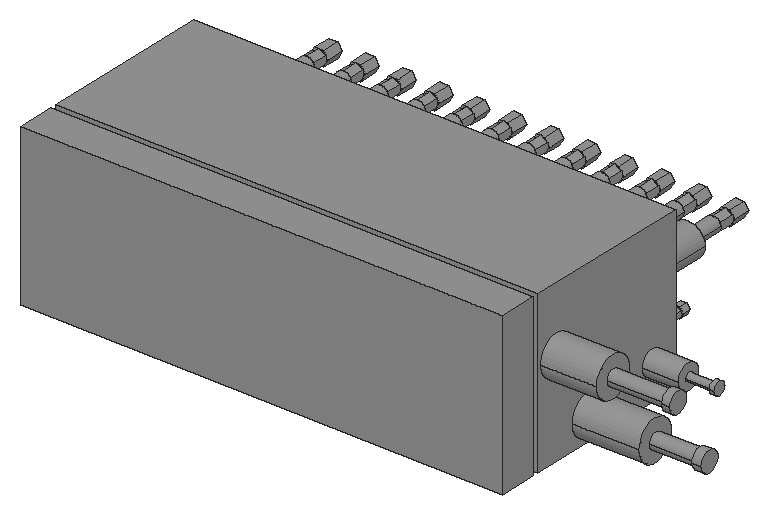
Revit family "BC_Hitachi_CH-BOX-CH-AP12MSSX_LOD400", category Equipement de génie climatique, Revit 2015
Parameters (values of type "CH-AP12MSSX")
  Refrigerant Liquid Pipe connections Diameter = 9.52 mm
  Refrigerant Gas Pipe connections Diameter = 15.88 mm
  Refrigerant Gas Low Pressure Diameter = 25.60 mm
  Refrigerant Liquid Diameter = 12.90 mm
  Rated Frequency (Hz) = "50"
  Product Code = "60292162"
  Overall Width = 783.00 mm
  Overall Height = 260.00 mm
  Overall Depth = 352.00 mm
  Nominal Voltage = 230 V
  Modèle = "Multi CH-Box"
  Material Pipe = Résine phénolique
  Material Connector = Laiton
  Material Box = Zinc
  Mass = 36.00 kg
  Gas Diameter = 25.40 mm
  Fabricant = "Hitachi"
  Description = "Multi CH-Box 12 branches"
  Commentaires du type = "CH-AP12MSSX"
  CALC_Refrigerant Gas Right = 89.00 mm
  CALC_Refrigerant Gas Low Pressure Diameter = Refrigerant Gas Low Pressure Diameter + 15.00 mm / 2  # 33.10 mm
  CALC_Refrigerant Gas L Left = 250.00 mm
  CALC_Refrigerant Gas High_Low Pressure Diameter = Gas Diameter + 15.00 mm / 2  # 32.90 mm
  CALC_Refrigerant Gas HL Left = 200.00 mm
  CALC_Refrigerant Gas Diameter = Refrigerant Liquid Diameter + 15.00 mm / 2  # 20.40 mm
  CALC_BOX Width = 303.00 mm
Reference planes
  plane 1 "Centre (avant/arrière)": y = 0
  plane 2: z = 0
  plane 3 "Centre (gauche/droite)": x = 0
  plane 4: z = 260
  plane 5 "Back": y = 176
  plane 6 "Front": y = -176
  plane 7 "Left": x = -783
  plane 8: z = 155
  plane 9: z = 60
  plane 10: y = 375
  plane 11: y = 262
  plane 12: x = 110
  plane 13: x = 198
  plane 14: y = -4
  plane 15: z = 42
  plane 16: z = 156
  plane 17: y = -68
  plane 18: z = 60
  plane 19: y = 126
  plane 20: x = 61.245
  plane 21: x = 175.543
Forms (mm)
  Extrusion 1, solid, material "Zinc" <- "Material Box"
    sketch origin (0, 0, 0) x (1, 0, 0) y (0, 1, 0)
      loop
        line (0, 176) -> (-783, 176) -> (-783, -176) -> (0, -176) -> (0, 176)
    from 0 to 260
  Extrusion 2, solid, material "Résine phénolique" <- "Material Pipe"
    sketch origin (0, 0, 75) x (0, 1, 0) y (0, 0, 1)
      loop
        circle (-4, -33) r 32.5
    from 0 to 110
  Extrusion 3, solid, material "Résine phénolique" <- "Material Pipe"
    sketch origin (0, 46.823, 0) x (0, 1, 0) y (0, 0, 1)
      loop
        circle (-114.823, 156) r 32.5
    from 0 to 92.169
  Extrusion 4, solid, material "Résine phénolique" <- "Material Pipe"
    sketch origin (0, 146.283, 43.123) x (0, 1, 0) y (0, 0, 1)
      loop
        circle (-20.283, 16.877) r 20
    from 0 to 59.808
  Extrusion 5, solid, material "Laiton" <- "Material Connector"
    sketch origin (151.5, 0, 0) x (0, -1, 0) y (0, 0, 1)
      loop
        circle (68, 156) r 12.7
    from -33.5 to 59.331
  Extrusion 6, solid, material "Laiton" <- "Material Connector"
    sketch origin (151.5, 0, 0) x (0, -1, 0) y (0, 0, 1)
      loop
        circle (68, 156) r 16.45
    from -46.5 to -33.5
  Extrusion 7, solid, material "Laiton" <- "Material Connector"
    sketch origin (151.5, 0, 0) x (0, -1, 0) y (0, 0, 1)
      loop
        circle (4, 42) r 12.8
    from -31.308 to 41.5
  Extrusion 8, solid, material "Laiton" <- "Material Connector"
    sketch origin (151.5, 0, 0) x (0, -1, 0) y (0, 0, 1)
      loop
        circle (4, 42) r 16.55
    from -46.5 to -31.308
  Extrusion 9, solid, material "Laiton" <- "Material Connector"
    sketch origin (151.5, 0, 0) x (0, -1, 0) y (0, 0, 1)
      loop
        circle (-126, 60) r 6.45
    from 49.363 to 91.692
  Extrusion 10, solid, material "Laiton" <- "Material Connector"
    sketch origin (151.5, 0, 0) x (0, -1, 0) y (0, 0, 1)
      loop
        circle (-126, 60) r 10.2
    from 41.5 to 49.363
  Sweep 11, void
    path in 3D
      loop
        line (0, -109, 260) -> (0, -109, 0) -> (-783, -109, 0) -> (-783, -109, 260) -> (0, -109, 260)
    profile origin (-391.5, -109, 260) x (0, 1, 0) y (0, 0, 1)
      loop
        line (5, 0) -> (-5, 0) -> (-5, -10) -> (5, -10) -> (5, 0)
Cuts and joins
  Sweep 11 cuts Extrusion 1
Lines and regions (mm)
  model lines, style "InvisibleLines"
    curve 1: line (-783, -109, 0) -> (0, -109, 0)
    curve 2: line (-783, -109, 260) -> (0, -109, 260)
    curve 3: line (0, -109, 260) -> (0, -109, 0)
    curve 4: line (-783, -109, 260) -> (-783, -109, 0)
    curve 9: line (0, -109, 260) -> (0, -109, 0)
  sketch lines
    curve 5: line (-783, -109, 260) -> (0, -109, 260)
    curve 6: line (-783, -109, 260) -> (-783, -109, 0)
    curve 7: line (-783, -109, 0) -> (0, -109, 0)
    curve 8: line (0, -109, 260) -> (0, -109, 0)
Dimensions and locks
  "Overall Height": plane 4 to plane 2
  "Overall Width": plane 3 "Centre (gauche/droite)" to plane 7 "Left"
  "Overall Width": plane 7 "Left" to plane 3 "Centre (gauche/droite)"
  "Overall Depth": plane 5 "Back" to plane 6 "Front"
  equal spacing: plane 5 "Back", plane 1 "Centre (avant/arrière)", plane 6 "Front"
  plane 10 to plane 5 "Back" = 199.00 mm
  plane 11 to plane 5 "Back" = 86.00 mm
  locked: plane 7 "Left" to nested 1 at 67
  locked: plane 3 "Centre (gauche/droite)" to plane 12 at 110
  locked: plane 3 "Centre (gauche/droite)" to plane 13 at 198
  plane 5 "Back" to plane 19 = 50.00 mm
  plane 17 to plane 5 "Back" = 244.00 mm
  plane 14 to plane 5 "Back" = 180.00 mm
  plane 19 to plane 5 "Back" = 50.00 mm
  plane 16 to plane 2 = 156.00 mm
  plane 15 to plane 2 = 42.00 mm
  plane 18 to level = 60.00 mm
  plane 2 to plane 9 = 60.00 mm
  plane 2 to plane 8 = 155.00 mm
  nested 1 to nested 2 to nested 3 to nested 4 = 60.00 mm locked, 60.00 mm locked, 60.00 mm locked
  nested 5 to nested 6 to nested 7 to nested 8 = 60.00 mm locked, 60.00 mm locked, 60.00 mm locked
  nested 9 to nested 10 to nested 11 to nested 12 = 60.00 mm locked, 60.00 mm locked, 60.00 mm locked
  nested 13 to nested 14 to nested 15 to nested 16 = 60.00 mm locked, 60.00 mm locked, 60.00 mm locked
  locked: nested 4 to nested 13 at 60
  locked: nested 4 to nested 9 at 60
  nested 17 to nested 18 to nested 19 to nested 20 = 60.00 mm locked, 60.00 mm locked, 60.00 mm locked
  nested 21 to nested 22 to nested 23 to nested 24 = 60.00 mm locked, 60.00 mm locked, 60.00 mm locked
  locked: nested 12 to nested 17 at 60
  locked: nested 16 to nested 21 at 60
  "Refrigerant Gas Low Pressure Diameter": diameter of Extrusion 7 sketch curve
  "CALC_Refrigerant Gas Low Pressure Diameter": diameter of Extrusion 8 sketch curve
  diameter of Extrusion 2 sketch curve = 65.00 mm
  "CALC_Refrigerant Gas High_Low Pressure Diameter": diameter of Extrusion 6 sketch curve
  "Gas Diameter": diameter of Extrusion 5 sketch curve
  diameter of Extrusion 3 sketch curve = 65.00 mm
  "CALC_Refrigerant Gas Diameter": diameter of Extrusion 10 sketch curve
  "Refrigerant Liquid Diameter": diameter of Extrusion 9 sketch curve
  aligned and locked: level to plane 2
  aligned and locked: plane 5 "Back" to Extrusion 1 sketch curve
  aligned and locked: plane 3 "Centre (gauche/droite)" to Extrusion 1 sketch curve
  aligned and locked: Extrusion 1 sketch curve to plane 6 "Front"
  aligned and locked: plane 7 "Left" to Extrusion 1 sketch curve
  aligned and locked: plane 4 to Extrusion 1
  aligned and locked: nested 5 to plane 9
  aligned and locked: nested 5 to nested 1
  aligned and locked: Extrusion 2 to plane 3 "Centre (gauche/droite)"
  aligned and locked: plane 15 to Extrusion 2 sketch curve
  aligned and locked: plane 14 to Extrusion 2 sketch curve
  aligned and locked: plane 16 to Extrusion 3 sketch curve
  aligned and locked: plane 17 to Extrusion 3 sketch curve
  aligned and locked: plane 19 to Extrusion 4 sketch curve
  aligned and locked: plane 18 to Extrusion 4 sketch curve
  aligned and locked: plane 5 "Back" to nested 1
  aligned and locked: plane 17 to Extrusion 5 sketch curve
  aligned and locked: plane 16 to Extrusion 5 sketch curve
  aligned and locked: plane 14 to Extrusion 8 sketch curve
  aligned and locked: plane 15 to Extrusion 8 sketch curve
  aligned and locked: plane 14 to Extrusion 7 sketch curve
  aligned and locked: plane 15 to Extrusion 7 sketch curve
  aligned and locked: plane 18 to Extrusion 9 sketch curve
  aligned and locked: plane 19 to Extrusion 9 sketch curve
  aligned and locked: plane 13 to Extrusion 8
  aligned and locked: plane 13 to Extrusion 6
  aligned and locked: nested 1 to plane 8
  aligned and locked: nested 2 to plane 8
  aligned and locked: nested 3 to plane 8
  aligned and locked: nested 4 to plane 8
  aligned and locked: nested 6 to plane 9
  aligned and locked: nested 7 to plane 9
  aligned and locked: nested 8 to plane 9
  aligned and locked: nested 13 to nested 9
  aligned and locked: nested 21 to nested 17
Automatic sketch dimensions
  curve 1 to plane 3 "Centre (gauche/droite)" = 0.00 mm
  curve 1 to plane 17 = 41.00 mm
  curve 1 to plane 7 "Left" = 0.00 mm
  curve 2 to plane 3 "Centre (gauche/droite)" = 0.00 mm
  curve 2 to plane 17 = 41.00 mm
  curve 2 to plane 7 "Left" = 0.00 mm
  curve 3 to level = 0.00 mm
  curve 3 to plane 4 = 0.00 mm
  curve 3 to plane 17 = 41.00 mm
  Sweep 11 sketch curve to profile plane = 0.00 mm
  profile plane to Sweep 11 sketch curve = 5.00 mm
  Sweep 11 sketch curve to profile plane = 5.00 mm
  Sweep 11 sketch curve to profile plane = 10.00 mm
  curve 9 to level = 0.00 mm
  curve 9 to plane 4 = 0.00 mm
  curve 9 to plane 17 = 41.00 mm
  curve 4 to level = 0.00 mm
  curve 4 to plane 4 = 0.00 mm
  curve 4 to plane 17 = 41.00 mm
  Extrusion 6 sketch curve to plane 16 = 0.00 mm
  Extrusion 6 sketch curve to plane 17 = 0.00 mm
  Extrusion 10 sketch curve to plane 9 = 0.00 mm
  Extrusion 10 sketch curve to plane 19 = 0.00 mm
  radius of Extrusion 4 sketch curve = 20.00 mm
Nested families
  nested 1: "PIPES" at (-716, 176, 155) x (0, 1, 0) z (0, 0, 1), type "PIPES"
    with CALC_Screw TOP 2 28.366 mm, CALC_Screw TOP 1 25.467 mm, CALC_Screw Diam TOP 2 12.00 mm, CALC_Screw Diam TOP 11.00 mm, CALC_Screw Diam 11.00 mm, CALC_PipeDiam2 24.00 mm, CALC_PipeDiam1 55.00 mm, CALC_Pipe L2 51.555 mm, CALC_Pipe L1 93.613 mm
  nested 2: "PIPES" at (-656, 176, 155) x (0, 1, 0) z (0, 0, 1), type "PIPES"
    with CALC_Screw TOP 2 28.366 mm, CALC_Screw TOP 1 25.467 mm, CALC_Screw Diam TOP 2 12.00 mm, CALC_Screw Diam TOP 11.00 mm, CALC_Screw Diam 11.00 mm, CALC_PipeDiam2 24.00 mm, CALC_PipeDiam1 55.00 mm, CALC_Pipe L2 51.555 mm, CALC_Pipe L1 93.613 mm
  nested 3: "PIPES" at (-596, 176, 155) x (0, 1, 0) z (0, 0, 1), type "PIPES"
    with CALC_Screw TOP 2 28.366 mm, CALC_Screw TOP 1 25.467 mm, CALC_Screw Diam TOP 2 12.00 mm, CALC_Screw Diam TOP 11.00 mm, CALC_Screw Diam 11.00 mm, CALC_PipeDiam2 24.00 mm, CALC_PipeDiam1 55.00 mm, CALC_Pipe L2 51.555 mm, CALC_Pipe L1 93.613 mm
  nested 4: "PIPES" at (-536, 176, 155) x (0, 1, 0) z (0, 0, 1), type "PIPES"
    with CALC_Screw TOP 2 28.366 mm, CALC_Screw TOP 1 25.467 mm, CALC_Screw Diam TOP 2 12.00 mm, CALC_Screw Diam TOP 11.00 mm, CALC_Screw Diam 11.00 mm, CALC_PipeDiam2 24.00 mm, CALC_PipeDiam1 55.00 mm, CALC_Pipe L2 51.555 mm, CALC_Pipe L1 93.613 mm
  nested 5: "PIPES" at (-716, 176, 60) x (0, 1, 0) z (0, 0, 1), type "PIPES"
    with CALC_Screw TOP 2 15.179 mm, CALC_Screw TOP 1 12.708 mm, CALC_Screw Diam TOP 2 8.50 mm, CALC_Screw Diam TOP 0.00 mm, CALC_Screw Diam 8.00 mm, CALC_PipeDiam2 16.50 mm, CALC_PipeDiam1 17.00 mm, CALC_Pipe L2 1.975 mm, CALC_Pipe L1 56.139 mm
  nested 6: "PIPES" at (-656, 176, 60) x (0, 1, 0) z (0, 0, 1), type "PIPES"
    with CALC_Screw TOP 2 15.179 mm, CALC_Screw TOP 1 12.708 mm, CALC_Screw Diam TOP 2 8.50 mm, CALC_Screw Diam TOP 0.00 mm, CALC_Screw Diam 8.00 mm, CALC_PipeDiam2 16.50 mm, CALC_PipeDiam1 17.00 mm, CALC_Pipe L2 1.975 mm, CALC_Pipe L1 56.139 mm
  nested 7: "PIPES" at (-596, 176, 60) x (0, 1, 0) z (0, 0, 1), type "PIPES"
    with CALC_Screw TOP 2 15.179 mm, CALC_Screw TOP 1 12.708 mm, CALC_Screw Diam TOP 2 8.50 mm, CALC_Screw Diam TOP 0.00 mm, CALC_Screw Diam 8.00 mm, CALC_PipeDiam2 16.50 mm, CALC_PipeDiam1 17.00 mm, CALC_Pipe L2 1.975 mm, CALC_Pipe L1 56.139 mm
  nested 8: "PIPES" at (-536, 176, 60) x (0, 1, 0) z (0, 0, 1), type "PIPES"
    with CALC_Screw TOP 2 15.179 mm, CALC_Screw TOP 1 12.708 mm, CALC_Screw Diam TOP 2 8.50 mm, CALC_Screw Diam TOP 0.00 mm, CALC_Screw Diam 8.00 mm, CALC_PipeDiam2 16.50 mm, CALC_PipeDiam1 17.00 mm, CALC_Pipe L2 1.975 mm, CALC_Pipe L1 56.139 mm
  nested 9: "PIPES" at (-476, 176, 155) x (0, 1, 0) z (0, 0, 1), type "PIPES"
    with CALC_Screw TOP 2 28.366 mm, CALC_Screw TOP 1 25.467 mm, CALC_Screw Diam TOP 2 12.00 mm, CALC_Screw Diam TOP 11.00 mm, CALC_Screw Diam 11.00 mm, CALC_PipeDiam2 24.00 mm, CALC_PipeDiam1 55.00 mm, CALC_Pipe L2 51.555 mm, CALC_Pipe L1 93.613 mm
  nested 10: "PIPES" at (-416, 176, 155) x (0, 1, 0) z (0, 0, 1), type "PIPES"
    with CALC_Screw TOP 2 28.366 mm, CALC_Screw TOP 1 25.467 mm, CALC_Screw Diam TOP 2 12.00 mm, CALC_Screw Diam TOP 11.00 mm, CALC_Screw Diam 11.00 mm, CALC_PipeDiam2 24.00 mm, CALC_PipeDiam1 55.00 mm, CALC_Pipe L2 51.555 mm, CALC_Pipe L1 93.613 mm
  nested 11: "PIPES" at (-356, 176, 155) x (0, 1, 0) z (0, 0, 1), type "PIPES"
    with CALC_Screw TOP 2 28.366 mm, CALC_Screw TOP 1 25.467 mm, CALC_Screw Diam TOP 2 12.00 mm, CALC_Screw Diam TOP 11.00 mm, CALC_Screw Diam 11.00 mm, CALC_PipeDiam2 24.00 mm, CALC_PipeDiam1 55.00 mm, CALC_Pipe L2 51.555 mm, CALC_Pipe L1 93.613 mm
  nested 12: "PIPES" at (-296, 176, 155) x (0, 1, 0) z (0, 0, 1), type "PIPES"
    with CALC_Screw TOP 2 28.366 mm, CALC_Screw TOP 1 25.467 mm, CALC_Screw Diam TOP 2 12.00 mm, CALC_Screw Diam TOP 11.00 mm, CALC_Screw Diam 11.00 mm, CALC_PipeDiam2 24.00 mm, CALC_PipeDiam1 55.00 mm, CALC_Pipe L2 51.555 mm, CALC_Pipe L1 93.613 mm
  nested 13: "PIPES" at (-476, 176, 60) x (0, 1, 0) z (0, 0, 1), type "PIPES"
    with CALC_Screw TOP 2 15.179 mm, CALC_Screw TOP 1 12.708 mm, CALC_Screw Diam TOP 2 8.50 mm, CALC_Screw Diam TOP 0.00 mm, CALC_Screw Diam 8.00 mm, CALC_PipeDiam2 16.50 mm, CALC_PipeDiam1 17.00 mm, CALC_Pipe L2 1.975 mm, CALC_Pipe L1 56.139 mm
  nested 14: "PIPES" at (-416, 176, 60) x (0, 1, 0) z (0, 0, 1), type "PIPES"
    with CALC_Screw TOP 2 15.179 mm, CALC_Screw TOP 1 12.708 mm, CALC_Screw Diam TOP 2 8.50 mm, CALC_Screw Diam TOP 0.00 mm, CALC_Screw Diam 8.00 mm, CALC_PipeDiam2 16.50 mm, CALC_PipeDiam1 17.00 mm, CALC_Pipe L2 1.975 mm, CALC_Pipe L1 56.139 mm
  nested 15: "PIPES" at (-356, 176, 60) x (0, 1, 0) z (0, 0, 1), type "PIPES"
    with CALC_Screw TOP 2 15.179 mm, CALC_Screw TOP 1 12.708 mm, CALC_Screw Diam TOP 2 8.50 mm, CALC_Screw Diam TOP 0.00 mm, CALC_Screw Diam 8.00 mm, CALC_PipeDiam2 16.50 mm, CALC_PipeDiam1 17.00 mm, CALC_Pipe L2 1.975 mm, CALC_Pipe L1 56.139 mm
  nested 16: "PIPES" at (-296, 176, 60) x (0, 1, 0) z (0, 0, 1), type "PIPES"
    with CALC_Screw TOP 2 15.179 mm, CALC_Screw TOP 1 12.708 mm, CALC_Screw Diam TOP 2 8.50 mm, CALC_Screw Diam TOP 0.00 mm, CALC_Screw Diam 8.00 mm, CALC_PipeDiam2 16.50 mm, CALC_PipeDiam1 17.00 mm, CALC_Pipe L2 1.975 mm, CALC_Pipe L1 56.139 mm
  nested 17: "PIPES" at (-236, 176, 155) x (0, 1, 0) z (0, 0, 1), type "PIPES"
    with CALC_Screw TOP 2 28.366 mm, CALC_Screw TOP 1 25.467 mm, CALC_Screw Diam TOP 2 12.00 mm, CALC_Screw Diam TOP 11.00 mm, CALC_Screw Diam 11.00 mm, CALC_PipeDiam2 24.00 mm, CALC_PipeDiam1 55.00 mm, CALC_Pipe L2 51.555 mm, CALC_Pipe L1 93.613 mm
  nested 18: "PIPES" at (-176, 176, 155) x (0, 1, 0) z (0, 0, 1), type "PIPES"
    with CALC_Screw TOP 2 28.366 mm, CALC_Screw TOP 1 25.467 mm, CALC_Screw Diam TOP 2 12.00 mm, CALC_Screw Diam TOP 11.00 mm, CALC_Screw Diam 11.00 mm, CALC_PipeDiam2 24.00 mm, CALC_PipeDiam1 55.00 mm, CALC_Pipe L2 51.555 mm, CALC_Pipe L1 93.613 mm
  nested 19: "PIPES" at (-116, 176, 155) x (0, 1, 0) z (0, 0, 1), type "PIPES"
    with CALC_Screw TOP 2 28.366 mm, CALC_Screw TOP 1 25.467 mm, CALC_Screw Diam TOP 2 12.00 mm, CALC_Screw Diam TOP 11.00 mm, CALC_Screw Diam 11.00 mm, CALC_PipeDiam2 24.00 mm, CALC_PipeDiam1 55.00 mm, CALC_Pipe L2 51.555 mm, CALC_Pipe L1 93.613 mm
  nested 20: "PIPES" at (-56, 176, 155) x (0, 1, 0) z (0, 0, 1), type "PIPES"
    with CALC_Screw TOP 2 28.366 mm, CALC_Screw TOP 1 25.467 mm, CALC_Screw Diam TOP 2 12.00 mm, CALC_Screw Diam TOP 11.00 mm, CALC_Screw Diam 11.00 mm, CALC_PipeDiam2 24.00 mm, CALC_PipeDiam1 55.00 mm, CALC_Pipe L2 51.555 mm, CALC_Pipe L1 93.613 mm
  nested 21: "PIPES" at (-236, 176, 60) x (0, 1, 0) z (0, 0, 1), type "PIPES"
    with CALC_Screw TOP 2 15.179 mm, CALC_Screw TOP 1 12.708 mm, CALC_Screw Diam TOP 2 8.50 mm, CALC_Screw Diam TOP 0.00 mm, CALC_Screw Diam 8.00 mm, CALC_PipeDiam2 16.50 mm, CALC_PipeDiam1 17.00 mm, CALC_Pipe L2 1.975 mm, CALC_Pipe L1 56.139 mm
  nested 22: "PIPES" at (-176, 176, 60) x (0, 1, 0) z (0, 0, 1), type "PIPES"
    with CALC_Screw TOP 2 15.179 mm, CALC_Screw TOP 1 12.708 mm, CALC_Screw Diam TOP 2 8.50 mm, CALC_Screw Diam TOP 0.00 mm, CALC_Screw Diam 8.00 mm, CALC_PipeDiam2 16.50 mm, CALC_PipeDiam1 17.00 mm, CALC_Pipe L2 1.975 mm, CALC_Pipe L1 56.139 mm
  nested 23: "PIPES" at (-116, 176, 60) x (0, 1, 0) z (0, 0, 1), type "PIPES"
    with CALC_Screw TOP 2 15.179 mm, CALC_Screw TOP 1 12.708 mm, CALC_Screw Diam TOP 2 8.50 mm, CALC_Screw Diam TOP 0.00 mm, CALC_Screw Diam 8.00 mm, CALC_PipeDiam2 16.50 mm, CALC_PipeDiam1 17.00 mm, CALC_Pipe L2 1.975 mm, CALC_Pipe L1 56.139 mm
  nested 24: "PIPES" at (-56, 176, 60) x (0, 1, 0) z (0, 0, 1), type "PIPES"
    with CALC_Screw TOP 2 15.179 mm, CALC_Screw TOP 1 12.708 mm, CALC_Screw Diam TOP 2 8.50 mm, CALC_Screw Diam TOP 0.00 mm, CALC_Screw Diam 8.00 mm, CALC_PipeDiam2 16.50 mm, CALC_PipeDiam1 17.00 mm, CALC_Pipe L2 1.975 mm, CALC_Pipe L1 56.139 mm
Connectors
  piping at (198, -68, 156), diameter 25.4, driven by "Gas Diameter"
    settings: on Extrusion 6, index 1, connector inside diameter 609.6 mm, connector length 0.00 mm, flow factor 0, pipe flow 0.0 L/s, pressure drop 0.0 Pa, fitting loss kfactor 0, connector angle 0.00°, fixture units 0, engagement length 0.00 mm, angle of deflection 0.00°, flow configuration 0, flow direction 0, fitting loss method 0, system type 22, joint type 0, gender type 0, connector reference index -1, connector utility 0, adjustable connector no, is connector primary yes, connector description "Refrigerant gas High/Low Pressure"
  piping at (198, -4, 42), diameter 25.6, driven by "Refrigerant Gas Low Pressure Diameter"
    settings: on Extrusion 8, index 2, connector inside diameter 609.6 mm, connector length 0.00 mm, flow factor 0, pipe flow 0.0 L/s, pressure drop 0.0 Pa, fitting loss kfactor 0, connector angle 0.00°, fixture units 0, engagement length 0.00 mm, angle of deflection 0.00°, flow configuration 0, flow direction 0, fitting loss method 0, system type 22, joint type 0, gender type 0, connector reference index -1, connector utility 0, adjustable connector no, is connector primary no, connector description "Refrigerant gas Low Pressure"
  piping at (110, 126, 60), diameter 12.9, driven by "Refrigerant Liquid Diameter"
    settings: on Extrusion 10, index 3, connector inside diameter 609.6 mm, connector length 0.00 mm, flow factor 0, pipe flow 0.0 L/s, pressure drop 0.0 Pa, fitting loss kfactor 0, connector angle 0.00°, fixture units 0, engagement length 0.00 mm, angle of deflection 0.00°, flow configuration 0, flow direction 0, fitting loss method 0, system type 22, joint type 0, gender type 0, connector reference index -1, connector utility 0, adjustable connector no, is connector primary no, connector description "Refrigerant Liquid"
  piping at (-536, 375, 155), diameter 15.88, driven by "Refrigerant Gas Pipe connections Diameter"
    settings: on nested 4, index 4, connector inside diameter 609.6 mm, connector length 0.00 mm, flow factor 0, pipe flow 0.0 L/s, pressure drop 0.0 Pa, fitting loss kfactor 0, connector angle 0.00°, fixture units 0, engagement length 0.00 mm, angle of deflection 0.00°, flow configuration 0, flow direction 0, fitting loss method 0, system type 22, joint type 0, gender type 0, connector reference index -1, connector utility 0, adjustable connector no, is connector primary no, connector description "Refrigerant Gas Pipe D"
  piping at (-596, 375, 155), diameter 15.88, driven by "Refrigerant Gas Pipe connections Diameter"
    settings: on nested 3, index 5, connector inside diameter 609.6 mm, connector length 0.00 mm, flow factor 0, pipe flow 0.0 L/s, pressure drop 0.0 Pa, fitting loss kfactor 0, connector angle 0.00°, fixture units 0, engagement length 0.00 mm, angle of deflection 0.00°, flow configuration 0, flow direction 0, fitting loss method 0, system type 22, joint type 0, gender type 0, connector reference index -1, connector utility 0, adjustable connector no, is connector primary no, connector description "Refrigerant Gas Pipe C"
  piping at (-656, 375, 155), diameter 15.88, driven by "Refrigerant Gas Pipe connections Diameter"
    settings: on nested 2, index 6, connector inside diameter 609.6 mm, connector length 0.00 mm, flow factor 0, pipe flow 0.0 L/s, pressure drop 0.0 Pa, fitting loss kfactor 0, connector angle 0.00°, fixture units 0, engagement length 0.00 mm, angle of deflection 0.00°, flow configuration 0, flow direction 0, fitting loss method 0, system type 22, joint type 0, gender type 0, connector reference index -1, connector utility 0, adjustable connector no, is connector primary no, connector description "Refrigerant Gas Pipe B"
  piping at (-716, 375, 155), diameter 15.88, driven by "Refrigerant Gas Pipe connections Diameter"
    settings: on nested 1, index 7, connector inside diameter 609.6 mm, connector length 0.00 mm, flow factor 0, pipe flow 0.0 L/s, pressure drop 0.0 Pa, fitting loss kfactor 0, connector angle 0.00°, fixture units 0, engagement length 0.00 mm, angle of deflection 0.00°, flow configuration 0, flow direction 0, fitting loss method 0, system type 22, joint type 0, gender type 0, connector reference index -1, connector utility 0, adjustable connector no, is connector primary no, connector description "Refrigerant Gas Pipe A"
  piping at (-716, 262, 60), diameter 9.52, driven by "Refrigerant Liquid Pipe connections Diameter"
    settings: on nested 5, index 8, connector inside diameter 609.6 mm, connector length 0.00 mm, flow factor 0, pipe flow 0.0 L/s, pressure drop 0.0 Pa, fitting loss kfactor 0, connector angle 0.00°, fixture units 0, engagement length 0.00 mm, angle of deflection 0.00°, flow configuration 0, flow direction 0, fitting loss method 0, system type 22, joint type 0, gender type 0, connector reference index -1, connector utility 0, adjustable connector no, is connector primary no, connector description "Refrigerant Liquid Pipe A"
  piping at (-656, 262, 60), diameter 9.52, driven by "Refrigerant Liquid Pipe connections Diameter"
    settings: on nested 6, index 9, connector inside diameter 609.6 mm, connector length 0.00 mm, flow factor 0, pipe flow 0.0 L/s, pressure drop 0.0 Pa, fitting loss kfactor 0, connector angle 0.00°, fixture units 0, engagement length 0.00 mm, angle of deflection 0.00°, flow configuration 0, flow direction 0, fitting loss method 0, system type 22, joint type 0, gender type 0, connector reference index -1, connector utility 0, adjustable connector no, is connector primary no, connector description "Refrigerant Liquid Pipe B"
  piping at (-596, 262, 60), diameter 9.52, driven by "Refrigerant Liquid Pipe connections Diameter"
    settings: on nested 7, index 10, connector inside diameter 609.6 mm, connector length 0.00 mm, flow factor 0, pipe flow 0.0 L/s, pressure drop 0.0 Pa, fitting loss kfactor 0, connector angle 0.00°, fixture units 0, engagement length 0.00 mm, angle of deflection 0.00°, flow configuration 0, flow direction 0, fitting loss method 0, system type 22, joint type 0, gender type 0, connector reference index -1, connector utility 0, adjustable connector no, is connector primary no, connector description "Refrigerant Liquid Pipe C"
  piping at (-536, 262, 60), diameter 9.52, driven by "Refrigerant Liquid Pipe connections Diameter"
    settings: on nested 8, index 11, connector inside diameter 609.6 mm, connector length 0.00 mm, flow factor 0, pipe flow 0.0 L/s, pressure drop 0.0 Pa, fitting loss kfactor 0, connector angle 0.00°, fixture units 0, engagement length 0.00 mm, angle of deflection 0.00°, flow configuration 0, flow direction 0, fitting loss method 0, system type 22, joint type 0, gender type 0, connector reference index -1, connector utility 0, adjustable connector no, is connector primary no, connector description "Refrigerant Liquid Pipe Connections"
  piping at (-296, 375, 155), diameter 15.88, driven by "Refrigerant Gas Pipe connections Diameter"
    settings: on nested 12, index 12, connector inside diameter 609.6 mm, connector length 0.00 mm, flow factor 0, pipe flow 0.0 L/s, pressure drop 0.0 Pa, fitting loss kfactor 0, connector angle 0.00°, fixture units 0, engagement length 0.00 mm, angle of deflection 0.00°, flow configuration 0, flow direction 0, fitting loss method 0, system type 22, joint type 0, gender type 0, connector reference index -1, connector utility 0, adjustable connector no, is connector primary no, connector description "Refrigerant Gas Pipe H"
  piping at (-356, 375, 155), diameter 15.88, driven by "Refrigerant Gas Pipe connections Diameter"
    settings: on nested 11, index 13, connector inside diameter 609.6 mm, connector length 0.00 mm, flow factor 0, pipe flow 0.0 L/s, pressure drop 0.0 Pa, fitting loss kfactor 0, connector angle 0.00°, fixture units 0, engagement length 0.00 mm, angle of deflection 0.00°, flow configuration 0, flow direction 0, fitting loss method 0, system type 22, joint type 0, gender type 0, connector reference index -1, connector utility 0, adjustable connector no, is connector primary no, connector description "Refrigerant Gas Pipe G"
  piping at (-416, 375, 155), diameter 15.88, driven by "Refrigerant Gas Pipe connections Diameter"
    settings: on nested 10, index 14, connector inside diameter 609.6 mm, connector length 0.00 mm, flow factor 0, pipe flow 0.0 L/s, pressure drop 0.0 Pa, fitting loss kfactor 0, connector angle 0.00°, fixture units 0, engagement length 0.00 mm, angle of deflection 0.00°, flow configuration 0, flow direction 0, fitting loss method 0, system type 22, joint type 0, gender type 0, connector reference index -1, connector utility 0, adjustable connector no, is connector primary no, connector description "Refrigerant Gas Pipe F"
  piping at (-476, 375, 155), diameter 15.88, driven by "Refrigerant Gas Pipe connections Diameter"
    settings: on nested 9, index 15, connector inside diameter 609.6 mm, connector length 0.00 mm, flow factor 0, pipe flow 0.0 L/s, pressure drop 0.0 Pa, fitting loss kfactor 0, connector angle 0.00°, fixture units 0, engagement length 0.00 mm, angle of deflection 0.00°, flow configuration 0, flow direction 0, fitting loss method 0, system type 22, joint type 0, gender type 0, connector reference index -1, connector utility 0, adjustable connector no, is connector primary no, connector description "Refrigerant Gas Pipe E"
  piping at (-476, 262, 60), diameter 9.52, driven by "Refrigerant Liquid Pipe connections Diameter"
    settings: on nested 13, index 16, connector inside diameter 609.6 mm, connector length 0.00 mm, flow factor 0, pipe flow 0.0 L/s, pressure drop 0.0 Pa, fitting loss kfactor 0, connector angle 0.00°, fixture units 0, engagement length 0.00 mm, angle of deflection 0.00°, flow configuration 0, flow direction 0, fitting loss method 0, system type 22, joint type 0, gender type 0, connector reference index -1, connector utility 0, adjustable connector no, is connector primary no, connector description ""
  piping at (-416, 262, 60), diameter 9.52, driven by "Refrigerant Liquid Pipe connections Diameter"
    settings: on nested 14, index 17, connector inside diameter 609.6 mm, connector length 0.00 mm, flow factor 0, pipe flow 0.0 L/s, pressure drop 0.0 Pa, fitting loss kfactor 0, connector angle 0.00°, fixture units 0, engagement length 0.00 mm, angle of deflection 0.00°, flow configuration 0, flow direction 0, fitting loss method 0, system type 22, joint type 0, gender type 0, connector reference index -1, connector utility 0, adjustable connector no, is connector primary no, connector description ""
  piping at (-356, 262, 60), diameter 9.52, driven by "Refrigerant Liquid Pipe connections Diameter"
    settings: on nested 15, index 18, connector inside diameter 609.6 mm, connector length 0.00 mm, flow factor 0, pipe flow 0.0 L/s, pressure drop 0.0 Pa, fitting loss kfactor 0, connector angle 0.00°, fixture units 0, engagement length 0.00 mm, angle of deflection 0.00°, flow configuration 0, flow direction 0, fitting loss method 0, system type 22, joint type 0, gender type 0, connector reference index -1, connector utility 0, adjustable connector no, is connector primary no, connector description ""
  piping at (-296, 262, 60), diameter 9.52, driven by "Refrigerant Liquid Pipe connections Diameter"
    settings: on nested 16, index 19, connector inside diameter 609.6 mm, connector length 0.00 mm, flow factor 0, pipe flow 0.0 L/s, pressure drop 0.0 Pa, fitting loss kfactor 0, connector angle 0.00°, fixture units 0, engagement length 0.00 mm, angle of deflection 0.00°, flow configuration 0, flow direction 0, fitting loss method 0, system type 22, joint type 0, gender type 0, connector reference index -1, connector utility 0, adjustable connector no, is connector primary no, connector description ""
  piping at (-176, 375, 155), diameter 15.88, driven by "Refrigerant Gas Pipe connections Diameter"
    settings: on nested 18, index 20, connector inside diameter 609.6 mm, connector length 0.00 mm, flow factor 0, pipe flow 0.0 L/s, pressure drop 0.0 Pa, fitting loss kfactor 0, connector angle 0.00°, fixture units 0, engagement length 0.00 mm, angle of deflection 0.00°, flow configuration 0, flow direction 0, fitting loss method 0, system type 22, joint type 0, gender type 0, connector reference index -1, connector utility 0, adjustable connector no, is connector primary no, connector description "Refrigerant Gas Pipe J"
  piping at (-236, 375, 155), diameter 15.88, driven by "Refrigerant Gas Pipe connections Diameter"
    settings: on nested 17, index 21, connector inside diameter 609.6 mm, connector length 0.00 mm, flow factor 0, pipe flow 0.0 L/s, pressure drop 0.0 Pa, fitting loss kfactor 0, connector angle 0.00°, fixture units 0, engagement length 0.00 mm, angle of deflection 0.00°, flow configuration 0, flow direction 0, fitting loss method 0, system type 22, joint type 0, gender type 0, connector reference index -1, connector utility 0, adjustable connector no, is connector primary no, connector description "Refrigerant Gas Pipe I"
  piping at (-236, 262, 60), diameter 9.52, driven by "Refrigerant Liquid Pipe connections Diameter"
    settings: on nested 21, index 22, connector inside diameter 609.6 mm, connector length 0.00 mm, flow factor 0, pipe flow 0.0 L/s, pressure drop 0.0 Pa, fitting loss kfactor 0, connector angle 0.00°, fixture units 0, engagement length 0.00 mm, angle of deflection 0.00°, flow configuration 0, flow direction 0, fitting loss method 0, system type 22, joint type 0, gender type 0, connector reference index -1, connector utility 0, adjustable connector no, is connector primary no, connector description ""
  piping at (-176, 262, 60), diameter 9.52, driven by "Refrigerant Liquid Pipe connections Diameter"
    settings: on nested 22, index 23, connector inside diameter 609.6 mm, connector length 0.00 mm, flow factor 0, pipe flow 0.0 L/s, pressure drop 0.0 Pa, fitting loss kfactor 0, connector angle 0.00°, fixture units 0, engagement length 0.00 mm, angle of deflection 0.00°, flow configuration 0, flow direction 0, fitting loss method 0, system type 22, joint type 0, gender type 0, connector reference index -1, connector utility 0, adjustable connector no, is connector primary no, connector description ""
  piping at (-116, 375, 155), diameter 15.88, driven by "Refrigerant Gas Pipe connections Diameter"
    settings: on nested 19, index 24, connector inside diameter 609.6 mm, connector length 0.00 mm, flow factor 0, pipe flow 0.0 L/s, pressure drop 0.0 Pa, fitting loss kfactor 0, connector angle 0.00°, fixture units 0, engagement length 0.00 mm, angle of deflection 0.00°, flow configuration 0, flow direction 0, fitting loss method 0, system type 22, joint type 0, gender type 0, connector reference index -1, connector utility 0, adjustable connector no, is connector primary no, connector description ""
  piping at (-56, 375, 155), diameter 15.88, driven by "Refrigerant Gas Pipe connections Diameter"
    settings: on nested 20, index 25, connector inside diameter 609.6 mm, connector length 0.00 mm, flow factor 0, pipe flow 0.0 L/s, pressure drop 0.0 Pa, fitting loss kfactor 0, connector angle 0.00°, fixture units 0, engagement length 0.00 mm, angle of deflection 0.00°, flow configuration 0, flow direction 0, fitting loss method 0, system type 22, joint type 0, gender type 0, connector reference index -1, connector utility 0, adjustable connector no, is connector primary no, connector description ""
  piping at (-56, 262, 60), diameter 9.52, driven by "Refrigerant Liquid Pipe connections Diameter"
    settings: on nested 24, index 26, connector inside diameter 609.6 mm, connector length 0.00 mm, flow factor 0, pipe flow 0.0 L/s, pressure drop 0.0 Pa, fitting loss kfactor 0, connector angle 0.00°, fixture units 0, engagement length 0.00 mm, angle of deflection 0.00°, flow configuration 0, flow direction 0, fitting loss method 0, system type 22, joint type 0, gender type 0, connector reference index -1, connector utility 0, adjustable connector no, is connector primary no, connector description ""
  piping at (-116, 262, 60), diameter 9.52, driven by "Refrigerant Liquid Pipe connections Diameter"
    settings: on nested 23, index 27, connector inside diameter 609.6 mm, connector length 0.00 mm, flow factor 0, pipe flow 0.0 L/s, pressure drop 0.0 Pa, fitting loss kfactor 0, connector angle 0.00°, fixture units 0, engagement length 0.00 mm, angle of deflection 0.00°, flow configuration 0, flow direction 0, fitting loss method 0, system type 22, joint type 0, gender type 0, connector reference index -1, connector utility 0, adjustable connector no, is connector primary no, connector description ""
Definition of nested family "PIPES"
  Parameters (values of type "PIPES")
    Material Screw = none
    Material Pipe = none
    Default Elevation = 1219.20 mm
    CALC_Screw TOP 2 [instance] = 70.00 mm
    CALC_Screw TOP 1 [instance] = 107.333 mm
    CALC_Screw Diam TOP 2 [instance] = 25.00 mm
    CALC_Screw Diam TOP [instance] = 35.00 mm
    CALC_Screw Diam [instance] = 15.00 mm
    CALC_PipeDiam2 [instance] = 20.00 mm
    CALC_PipeDiam1 [instance] = 30.00 mm
    CALC_Pipe L2 [instance] = 75.447 mm
    CALC_Pipe L1 [instance] = 38.00 mm
    CALC_Angle Screw = 120.00°
  Reference planes
    plane 1 "Centre (avant/arrière)": y = 0
    plane 2: z = 0
    plane 3 "Centre (gauche/droite)": x = 0
    plane 4: x = 38
    plane 5: x = 220.781
    plane 6: x = 290.781
    plane 7: x = 113.447
  Forms (mm)
    Extrusion 1, solid, material <- "Material Pipe"
      sketch origin (0, 0, 0) x (0, 1, 0) y (0, 0, 1)
        loop
          circle (0, 0) r 15
      from 0 to 38
    Extrusion 2, solid, material <- "Material Screw"
      sketch origin (0, 0, 0) x (0, 1, 0) y (0, 0, 1)
        loop
          line (0, 17.321) -> (-15, 8.66) -> (-15, -8.66) -> (0, -17.321) -> (15, -8.66) -> (15, 8.66) -> (0, 17.321)
      from 113.447 to 220.781
    Extrusion 3, solid, material <- "Material Screw"
      sketch origin (0, 0, 0) x (0, 1, 0) y (0, 0, 1)
        loop
          line (28.868, 0) -> (14.434, 25) -> (-14.434, 25) -> (-28.868, 0) -> (-14.434, -25) -> (14.434, -25) -> (28.868, 0)
      from 220.781 to 290.781
    Extrusion 4, solid, material <- "Material Pipe"
      sketch origin (0, 0, 0) x (0, 1, 0) y (0, 0, 1)
        loop
          circle (0, 0) r 10
      from 38 to 113.447
  Dimensions and locks
    "CALC_Screw Diam": Extrusion 2 sketch curve to plane 1 "Centre (avant/arrière)"  (x5)
    "CALC_Screw Diam": plane 1 "Centre (avant/arrière)" to Extrusion 2 sketch curve
    "CALC_Screw Diam TOP 2": Extrusion 3 sketch curve to plane 1 "Centre (avant/arrière)"  (x5)
    "CALC_Screw Diam TOP 2": Extrusion 3 sketch curve to plane 2
    "CALC_Pipe L1": plane 3 "Centre (gauche/droite)" to plane 4
    "CALC_Pipe L2": plane 4 to plane 7
    "CALC_Screw TOP 1": plane 7 to plane 5
    "CALC_Screw TOP 2": plane 5 to plane 6
    "CALC_PipeDiam1": diameter of Extrusion 1 sketch curve
    "CALC_PipeDiam2": diameter of Extrusion 4 sketch curve
    "CALC_Angle Screw": angle Extrusion 2 sketch curve to Extrusion 2 sketch curve  (x3)
    "CALC_Angle Screw": angle Extrusion 3 sketch curve to Extrusion 3 sketch curve  (x3)
    aligned and locked: level to plane 2
    aligned and locked: Extrusion 3 to plane 6
    aligned and locked: plane 5 to Extrusion 3
    aligned and locked: Extrusion 2 to plane 5
    aligned and locked: plane 4 to Extrusion 1
    aligned and locked: plane 4 to Extrusion 4
    aligned and locked: Extrusion 4 to plane 7
    aligned and locked: plane 7 to Extrusion 2
  Automatic sketch dimensions
    Extrusion 1 sketch curve to level = 0.00 mm
    Extrusion 1 sketch curve to plane 1 "Centre (avant/arrière)" = 0.00 mm
    Extrusion 2 sketch curve to plane 1 "Centre (avant/arrière)" = 0.00 mm
    Extrusion 3 sketch curve to level = 0.00 mm
    Extrusion 4 sketch curve to level = 0.00 mm
    Extrusion 4 sketch curve to plane 1 "Centre (avant/arrière)" = 0.00 mm
